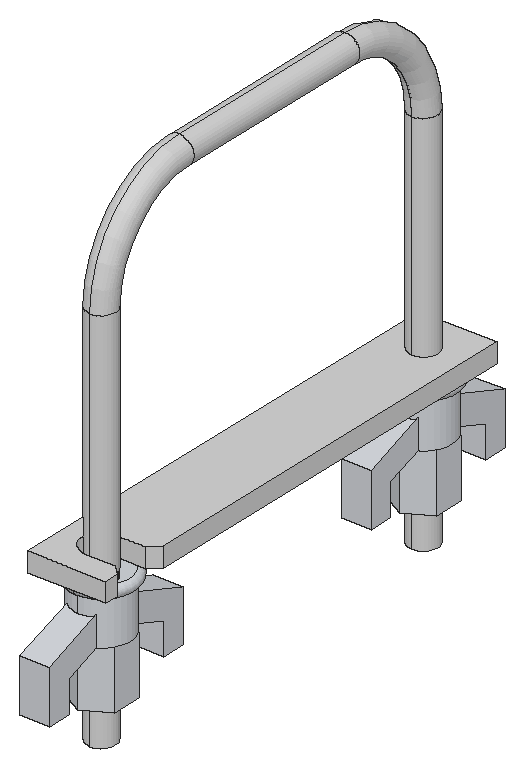
Revit family "EHL_PROP BRACING CLAMP_2170526", category Generic Models, Revit 2018
Family settings
  Can host rebar = No
  Round Connector Dimension = Use Diameter
  Part Type = Normal
  OmniClass Number = 35.51.14.00
  OmniClass Title = FORMWORK
  Work Plane-Based = Yes
  Always vertical = No
  Cut with Voids When Loaded = No
  Shared = Yes
  Room Calculation Point = No
Parameters
  VERSION = "20170217"  # constant formula
  URL = "www.ulmaconstruction.com/en"
  UNICLASS = ""
  Manufacturer = "ULMA CONSTRUCTION"  # constant formula
  ITEM_CODE = "2170526"
  FILTER [instance] = ""
  Default Elevation = 0.000 mm
  CLASSIFICATION_TITLE = ""
  CLASSIFICATION_NUMBER = ""
Reference planes
  plane 1 "Centro (Frontal/Posterior)": y = 0
  plane 2: z = 0
  plane 3 "Centro (Izquierda/Derecha)": x = 0
Forms (mm)
  Extrusion 1, solid, material "ULMA ZINC"
    sketch origin (0, 0, 0) x (0, 1, 0) y (-1, 0, 0)
      loop
        line (125, 20) -> (-125, 20) -> (-125, -20) -> (-118, -20) -> (-113, -15) -> (-113, 0)
        arc (-113, 0) -> (-103, 10) -> (-93, 0) r 10
        line (-93, 0) -> (-93, -15) -> (-88, -20) -> (125, -20) -> (125, 20)
    from -152 to -162
  Sweep 2, solid, material "ULMA ZINC"
    path in 3D
      loop
        line (0, -103, -241.199) -> (0, -103, -42.75)
        arc (0, -103, -42.75) -> (0, -88.355, -7.395) -> (0, -53, 7.25) r 50
        line (0, -53, 7.25) -> (0, 53, 7.25)
        arc (0, 53, 7.25) -> (0, 88.355, -7.395) -> (0, 103, -42.75) r 50
        line (0, 103, -42.75) -> (0, 103, -241.199)
    profile origin (0, -103, -141.975) x (0, -1, 0) y (1, 0, 0)
      loop
        circle (0, 0) r 7.25
Lines and regions (mm)
  reference lines
    curve 1: line (0, 103, -241.199) -> (0, 103, -42.75)
    curve 2: line (0, -103, -241.199) -> (0, -103, -42.75)
    curve 3: line (0, 53, 7.25) -> (0, -53, 7.25)
    curve 4: arc (0, 103, -42.75) -> (0, 88.355, -7.395) -> (0, 53, 7.25) r 50
    curve 5: arc (0, -103, -42.75) -> (0, -88.355, -7.395) -> (0, -53, 7.25) r 50
  sketch lines
    curve 6: line (0, -103, -241.199) -> (0, -103, -42.75)
    curve 7: arc (0, -103, -42.75) -> (0, -88.355, -7.395) -> (0, -53, 7.25) r 50
    curve 8: line (0, 53, 7.25) -> (0, -53, 7.25)
    curve 9: arc (0, 103, -42.75) -> (0, 88.355, -7.395) -> (0, 53, 7.25) r 50
    curve 10: line (0, 103, -241.199) -> (0, 103, -42.75)
Dimensions and locks
  aligned and locked: level to plane 2
Nested families
  nested 1: "TUERCA ALETA DW15 - 0230000_BRACING" at (0, -103, -162) x (0, 1, 0) z (0, 0, -1), type "TUERCA ALETA DW15 - 0230000_BRACING"
    with FILTER ""
  nested 2: "TUERCA ALETA DW15 - 0230000_BRACING" at (0, 103, -162) x (0, -1, 0) z (0, 0, -1), type "TUERCA ALETA DW15 - 0230000_BRACING"
    with FILTER ""
Definition of nested family "TUERCA ALETA DW15 - 0230000_BRACING"
  Parameters (values of type "TUERCA ALETA DW15 - 0230000_BRACING")
    VERSION = "20170217"  # constant formula
    URL = "www.ulmaconstruction.com/en"
    UNICLASS = ""
    Manufacturer = "ULMA CONSTRUCTION"  # constant formula
    ITEM_CODE = "0230000"
    FILTER [instance] = ""
    Default Elevation = 0.000 mm
    CLASSIFICATION_TITLE = ""
    CLASSIFICATION_NUMBER = ""
  Reference planes
    plane 1 "Centro (Frontal/Posterior)": y = 0
    plane 2: z = 0
    plane 3 "Centro (Izquierda/Derecha)": x = 0
  Forms (mm)
    Revolve 1, solid
      sketch origin (0, 0, 0) x (1, 0, 0) y (0, 0, 1)
        loop
          line (-7.506, 29) -> (-14.772, 29) -> (-14.772, 5.968)
          arc (-14.772, 5.968) -> (-17.756, 2.984) -> (-14.772, 0) r 2.984
          line (-14.772, 0) -> (-7.506, 0) -> (-7.506, 29)
        axis (0, 0) -> (0, 29)
      angle from 0 to 360
    Extrusion 2, solid
      sketch origin (0, 0, 0) x (1, 0, 0) y (0, 1, 0)
        loop
          line (-7.506, 13) -> (-15.011, 0) -> (-7.506, -13) -> (7.506, -13) -> (15.011, 0) -> (7.506, 13) -> (-7.506, 13)
        loop
          circle (0, 0) r 7.5
      from 29 to 59
    Extrusion 3, solid, detail levels fine
      sketch origin (0, 0, 0) x (1, 0, 0) y (0, 0, 1)
        loop
          line (-42.5, 52) -> (-42.5, 25) -> (-11.418, 13.697) -> (-11.418, 28.594) -> (-30.5, 35.533) -> (-30.5, 52) -> (-42.5, 52)
        loop
          line (42.5, 52) -> (30.5, 52) -> (30.5, 35.533) -> (11.418, 28.594) -> (11.418, 13.697) -> (42.5, 25) -> (42.5, 52)
      from -7.5 to 7.5
  Dimensions and locks
    aligned and locked: level to plane 2
    aligned and locked: Extrusion 2 to Revolve 1
